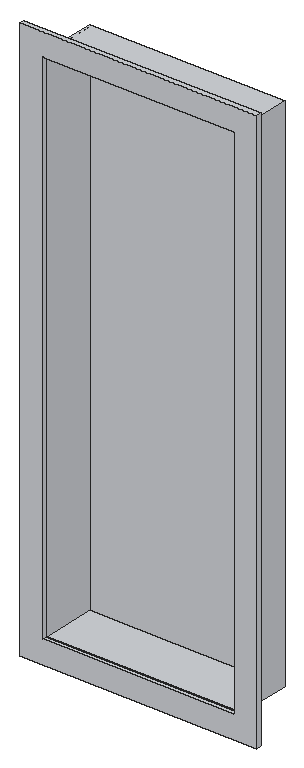
Revit family "Hager-VOLTA-Hollow_wall-Other-Without_Cover-Without_DIN-NoHosted-CH-de", category Electrical Equipment, Revit 2023
Family settings
  Panel Configuration = Two Columns, Circuits Across
  Round Connector Dimension = Use Diameter
  Part Type = Panelboard
  Work Plane-Based = Yes
  Always vertical = Yes
  Cut with Voids When Loaded = No
  Maintain Annotation Orientation = No
  Shared = No
  Room Calculation Point = No
Parameters (values of type "VOLTA-Hollow_wall_W348_H880_D98_12_Modular_Spacing-VH60NK")
  Width Control [instance] = if([HG000006-Unterputz], if([EF000846 - Einbaubreite] > min_whd, [EF000846 - Einbaubreite], min_whd), if([EF000008 - Breite] > min_whd, ([EF000008 - Breite]), min_whd))  # 314 mm
  Void Depth [instance] = if([EF000218 - Einbautiefe] > 1 mm, [EF000218 - Einbautiefe], 1 mm)  # 90 mm
  Uniformat code = "D501001"
  Uniformat = "Low Tension Service & Dist."
  Référence = ""
  HGEF0002950-Breite in Teilungseinheiten = 12
  HGEF000266-Anzahl der Reihen = 5
  HG000131 - Functional label [instance] = ""
  HG000130 - Functional name [instance] = ""
  HG000099-Onfly Template ID-de-CH = "507532"
  HG000059-Operating voltage-de-CH [instance] = 230 V
  HG000017-Distanz zwischen den Polen = 18 mm
  HG000016-3D-Türsichtbarkeit = yes
  HG000015-Sichtbarkeit der Türöffnung = yes
  HG000014-Tür rechts = yes
  HG000013-Tür links = no
  HG000012-Türschwenkwinkel = 90.00°
  HG000011-Leere Reihen von unten = no
  HG000010-Asymmetrische Türen = no
  HG000009-Doppelflügeligen Tür = no
  HG000008-Anzahl der leeren Reihen = 0
  HG000007-Anzahl der leeren Spalten = 0
  HG000006-Unterputz = yes
  HG000005-Dicke = 2 mm
  HG000004-Herstellerreferenz = "VH60NK"
  HG000003-Bereich = "VOLTA"
  HG000002-Mit tür = no
  HG000001-Anzahl der Spalten = 0
  ETIM class name = "Small distribution board"
  ETIM class code = "EC000214"
  EF015941 - Signaldurchlassende Tür = no
  EF015777 - Neutralleiterklemmenblock = no
  EF015776 - Erdungsklemmenblock = no
  EF009212 - Ausführung Deckel = ""
  EF006306 - Mit Schloss = no
  EF006244 - Transparenter Deckel/Tür = no
  EF005474 - Schutzart (IP) = "sonstige"
  EF004464 - Art der Tür = ""
  EF004462 - Art der Schliessung = "sonstige"
  EF002950 - Anzahl Teilungseinheiten = 12
  EF001596 - Werkstoff des Gehäuses = ""
  EF001134 - DIN-Schiene = no
  EF001131 - Innentiefe = 0 mm
  EF001088 - Anbaumöglichkeit = yes
  EF001062 - EMV-Ausführung = no
  EF000846 - Einbaubreite = 314 mm
  EF000339 - Art der Abdeckung = ""
  EF000332 - Einbauhöhe = 846 mm
  EF000266 - Anzahl der Reihen = 5
  EF000218 - Einbautiefe = 90 mm
  EF000118 - Mit Montageplatte = no
  EF000116 - RAL-Nummer = 9010
  EF000049 - Tiefe = 98 mm
  EF000040 - Höhe = 880 mm
  EF000024 - UV-beständig = no
  EF000008 - Breite = 348 mm
  EF000007 - Farbe = "weiss"
  EF000003 - Montageart = "Hohlwand"
  Type Comments = ""
  System Height [instance] = Height Control - 2 * [HG000005-Dicke]  # 842 mm
  Reference description = ""
  Reference = "VOLTA-Hollow_wall_W348_H880_D98_12_Modular_Spacing-VH60NK"
  Panel Name [instance] = ""  # (empty or 0)
  Offset [instance] = 0 mm
  Object type = ""
  Name hager = "ADD_Enclosures_EC000214"
  Name BIM&CO = "Electricity"
  Name = "VOLTA-Hollow_wall-Other-Without_Cover-Without_DIN-CH"
  Model = ""
  Level Offset [instance] = [Flush Mounted - Door Frame Width] + Offset  # 34 mm
  HG000060-RAL-number = "9010"
  GTIN (Global Trade Item Number) = ""
  Description = ""
  Default Elevation = 1200 mm
  Creation Date = "12/15/2025 21:43:36"
  Code hager = "ADD-EC000214_EU"
  Code Uniformat = ""
  BIM&CO code = ""
  BC_VARIANT_ID = "1174143"
  BC_OBJECT_VERSION = "#9"  # constant formula
  BC_OBJECT_ID = "513470"  # constant formula
  BC_MODEL_ID = "1547118"  # constant formula
  BC_METADATA = "{\"ObjectGuid\":\"bc35c96e-cb38-443e-833d-0616858cb9ac\",\"ModelGuid\":\"8af03f69-2293-4735-a617-cc53adf55621\",\"VariantGuid\":\"8b6e323b-1b53-409a-a940-11b5a7fc5337\",\"Revision\":\"#4\",\"VariantName\":\"Template-Enclosure_EU-EC000214\"}"
  Arrow Offset [instance] = Depth Control / 8  # 11.25 mm
  Arrow Height [instance] = Depth Control - Arrow Offset  # 78.75 mm
  Host Offset [instance] = if([HG000006-Unterputz], 0 mm, [EF000049 - Tiefe])  # 0 mm
  min_whd [instance] = (2 * [HG000005-Dicke]) + 1 mm  # 5 mm
  Manufacturer = "Hager"  # constant formula
  Height Control [instance] = if([HG000006-Unterputz], if([EF000332 - Einbauhöhe] > min_whd, [EF000332 - Einbauhöhe], min_whd), if([EF000040 - Höhe] > min_whd, ([EF000040 - Höhe]), min_whd))  # 846 mm
  Flush Mounted - Door Frame Width [instance] = if(([EF000040 - Höhe] - [EF000332 - Einbauhöhe]) > 0 mm, if([HG000006-Unterputz], [EF000040 - Höhe] - [EF000332 - Einbauhöhe], 0 mm), 0 mm)  # 34 mm
  Depth Control [instance] = if([HG000006-Unterputz], if([EF000218 - Einbautiefe] > 0 mm, [EF000218 - Einbautiefe], 1 mm), if([EF000049 - Tiefe] > 0 mm, ([EF000049 - Tiefe]), 1 mm))  # 90 mm
Types (5, lengths in mm): name | HGEF000266-Anzahl der Reihen | HG000004-Herstellerreferenz | EF009212 - Ausführung Deckel | EF004462 - Art der Schliessung | EF001062 - EMV-Ausführung | EF000332 - Einbauhöhe | EF000266 - Anzahl der Reihen | EF000049 - Tiefe | EF000040 - Höhe | EF000008 - Breite | System Height | Reference | Level Offset | BC_VARIANT_ID | Height Control | Flush Mounted - Door Frame Width
  VOLTA-Hollow_wall_W330_H355_D94_12_Modular_Spacing-VH12NK | 1 | "VH12NK" | "geschlossen" | "" | yes | 346 | 1 | 94 | 355 | 330 | 342 | "VOLTA-Hollow_wall_W330_H355_D94_12_Modular_Spacing-VH12NK" | 9 | "1174126" | 346 | 9
  VOLTA-Hollow_wall_W348_H505_D98_12_Modular_Spacing-VH24NK | 2 | "VH24NK" | "" | "sonstige" | no | 471 | 2 | 98 | 505 | 348 | 467 | "VOLTA-Hollow_wall_W348_H505_D98_12_Modular_Spacing-VH24NK" | 34 | "1174131" | 471 | 34
  VOLTA-Hollow_wall_W348_H630_D98_12_Modular_Spacing-VH36NK | 3 | "VH36NK" | "" | "sonstige" | no | 596 | 3 | 98 | 630 | 348 | 592 | "VOLTA-Hollow_wall_W348_H630_D98_12_Modular_Spacing-VH36NK" | 34 | "1174136" | 596 | 34
  VOLTA-Hollow_wall_W348_H755_D98_12_Modular_Spacing-VH48NK | 4 | "VH48NK" | "" | "sonstige" | no | 721 | 4 | 98 | 755 | 348 | 717 | "VOLTA-Hollow_wall_W348_H755_D98_12_Modular_Spacing-VH48NK" | 34 | "1174140" | 721 | 34
  VOLTA-Hollow_wall_W348_H880_D98_12_Modular_Spacing-VH60NK | 5 | "VH60NK" | "" | "sonstige" | no | 846 | 5 | 98 | 880 | 348 | 842 | "VOLTA-Hollow_wall_W348_H880_D98_12_Modular_Spacing-VH60NK" | 34 | "1174143" | 846 | 34
Reference planes
  plane 1 "Center (Front/Back)": y = 0
  plane 2: z = 0
  plane 3 "Center (Left/Right)": x = 0
  plane 4: y = 36
  plane 5: y = 90
  plane 6: y = 34
  plane 7: z = 0
  plane 8: x = -157
  plane 9: x = 157
  plane 10: x = 155
  plane 11: x = -155
  plane 12: z = 34
  plane 13: z = 36
  plane 14: y = 5
  plane 15: y = 0
  plane 16: y = 88
  plane 17: z = 878
  plane 18: z = 880
  plane 19: z = 457
  plane 20: x = 0
  plane 21: y = -100
  plane 22 "Annotation H": y = -300
  plane 23 "Annotation V": x = 357
Forms (mm)
  Extrusion 1, solid
    sketch origin (-208.679, -4572, 34) x (-1, 0, 0) y (0, -1, 0)
      loop
        line (-51.679, -4572) -> (-365.679, -4572) -> (-365.679, -4662) -> (-51.679, -4662) -> (-51.679, -4572)
    from 0 to 846 <- "Height Control"
  Extrusion 2, void
    sketch origin (-350.771, 0, 1219.2) x (1, 0, 0) y (0, 0, 1)
      loop
        line (195.771, -341.2) -> (195.771, -1183.2) -> (505.771, -1183.2) -> (505.771, -341.2) -> (195.771, -341.2)
    from 0 to -88
  Extrusion 3, solid, detail levels coarse+medium
    sketch origin (-350.771, 0, 1219.2) x (-1, 0, 0) y (0, 0, 1)
      loop
        line (-195.771, -341.2) -> (-505.771, -341.2) -> (-505.771, -1183.2) -> (-195.771, -1183.2) -> (-195.771, -341.2)
    from 0 to 2 <- "HG000005-Dicke"
Cuts and joins
  Extrusion 2 cuts Extrusion 1
Dimensions and locks
  "Flush Mounted - Door Frame Width": plane 1 "Center (Front/Back)" to plane 6
  "HG000005-Dicke": plane 4 to plane 6
  "HG000005-Dicke": plane 8 to plane 11
  "HG000005-Dicke": plane 9 to plane 10
  equal spacing: plane 8, plane 3 "Center (Left/Right)", plane 9
  "Width Control": plane 8 to plane 9
  locked: plane 14 to plane 15 at 5
  "Host Offset": plane 1 "Center (Front/Back)" to plane 15
  "Depth Control": plane 5 to plane 15
  "HG000005-Dicke": plane 5 to plane 16
  "HG000005-Dicke": plane 13 to plane 12
  "Level Offset": plane 12 to level
  "HG000005-Dicke": plane 18 to plane 17
  "Height Control": plane 18 to plane 12
  "Arrow Offset": plane 5 to nested 4
  equal spacing: plane 18, plane 19, plane 12
  locked: connector elem to plane 19
  locked: connector elem to plane 3 "Center (Left/Right)"
  Extrusion 2 sketch curve to Extrusion 2 sketch curve to plane 9 = 310 mm, 2 mm
  locked: plane 9 to plane 23 "Annotation V" at 200
  locked: plane 22 "Annotation H" to plane 1 "Center (Front/Back)" at 300
  aligned and locked: nested 1 to plane 14
  aligned and locked: plane 3 "Center (Left/Right)" to nested 1
  aligned and locked: plane 3 "Center (Left/Right)" to nested 2
  aligned and locked: nested 2 to plane 15
  aligned and locked: plane 5 to Extrusion 1
  aligned and locked: Extrusion 3 sketch curve to plane 17
  aligned and locked: Extrusion 3 sketch curve to plane 11
  aligned and locked: plane 13 to Extrusion 3 sketch curve
  aligned and locked: Extrusion 3 sketch curve to plane 10
  aligned and locked: plane 13 to Extrusion 2 sketch curve
  aligned and locked: Extrusion 2 sketch curve to plane 17
  aligned and locked: plane 16 to Extrusion 2
  aligned and locked: plane 5 to Extrusion 1 sketch curve
  aligned and locked: plane 9 to Extrusion 1 sketch curve
  aligned and locked: plane 8 to Extrusion 1 sketch curve
  aligned and locked: plane 8 to nested 4
  aligned and locked: plane 8 to nested 3
  aligned and locked: nested 3 to plane 5
  aligned and locked: Extrusion 1 sketch curve to plane 15
  aligned and locked: Extrusion 2 to plane 15
  aligned and locked: nested 5 to plane 22 "Annotation H"
  aligned and locked: plane 23 "Annotation V" to nested 5
  aligned and locked: plane 11 to Extrusion 2
  aligned and locked: plane 10 to Extrusion 2
Nested families
  nested 1: "Hager_Enclosure_System" at (0, 5, 36), Height <- "System Height", Width_Control <- "Width Control", Built-in_Width <- "EF000846 - Einbaubreite", Width <- "EF000008 - Breite", Depth <- "HG000005-Dicke", Border <- "HG000005-Dicke", Distance_Between_Poles <- "HG000017-Distanz zwischen den Polen", Flush_Mounted <- "HG000006-Unterputz", Empty_Columns <- "HG000007-Anzahl der leeren Spalten", Total_No_Empty_Rows <- "HG000008-Anzahl der leeren Reihen", Empty_Rows_From_Bottom <- "HG000011-Leere Reihen von unten", Columns_Count <- "HG000001-Anzahl der Spalten", Rows_Count <- "HGEF000266-Anzahl der Reihen", Row_Module_Multiplicator <- "HGEF0002950-Breite in Teilungseinheiten", type "Hager_Enclosure_System", detail levels medium+fine
    with Width_Control 314 mm, Width 348 mm, Total_No_Rows 5, Total_No_Empty_Rows 0, Total_No_Columns 1, System_Width 310 mm, Rows_Count 5, Rows_Column 5, Row_Module_Multiplicator 12, Panel_4 no, Panel_3 no, Panel_2 no, Panel_1 no, No_Panels_Ctrl 1, Hide_Columns yes, Height 842 mm, Flush_Mounted yes, Empty_Rows_From_Bottom no, Empty_Rows_Column 0, Empty_Columns 0, Empty column 4 0, Empty column 3 0, Empty column 2 0, Empty column 1 0, Distance_Between_Poles 18 mm, Depth 2 mm, Columns_Count 0, Column_Width 310 mm, Built-in_Width 314 mm, Border 2 mm
  nested 2: "Hager_Enclosure_Door" at (0, 0, 34), Height_Ctrl <- "Height Control", Width_Ctrl <- "Width Control", BuiltIn_Depth <- "EF000218 - Einbautiefe", Depth <- "EF000049 - Tiefe", BuiltIn_Width <- "EF000846 - Einbaubreite", Height <- "EF000040 - Höhe", BuiltIn_Height <- "EF000332 - Einbauhöhe", Width <- "EF000008 - Breite", Transparent <- "EF006244 - Transparenter Deckel/Tür", Border <- "HG000005-Dicke", Door <- "HG000002-Mit tür", Flush_Mounted <- "HG000006-Unterputz", Double <- "HG000009-Doppelflügeligen Tür", Assymetrical <- "HG000010-Asymmetrische Türen", Angle <- "HG000012-Türschwenkwinkel", Door_Left <- "HG000013-Tür links", Door_Right <- "HG000014-Tür rechts", Clearance <- "HG000015-Sichtbarkeit der Türöffnung", 3d_Door <- "HG000016-3D-Türsichtbarkeit", type "Hager_Enclosure_Door", detail levels medium+fine
    with min_wh 5 mm, Width_Ctrl 314 mm, Width 348 mm, Transparent_Door_No_Bottom_Border no, Transparent no, Leaf_Width 307 mm, Leaf_Tolerance 1.5 mm, Leaf_Height 839 mm, Leaf_2_Width 307 mm, Leaf_2_Offset 153.5 mm, Leaf_1_Width 307 mm, Leaf_1_Offset 153.5 mm, Height_Ctrl 846 mm, Height 880 mm, Frame_Width_Ctrl 34 mm, Frame_Width 34 mm, Frame_Internal_Offset 2 mm, Frame_Height_Ctrl 34 mm, Frame_Height 34 mm, Frame_Depth_Ctrl 8 mm, Frame_Depth 8 mm, Flush_Mounted yes, Double_Clearance_Ctrl no, Double no, Door_Right_Ctrl no, Door_Right yes, Door_Left_Ctrl no, Door_Left no, Door no, Depth 98 mm, Clearance_Depth 307 mm, Clearance_Ctrl yes, Clearance yes, BuiltIn_Width 314 mm, BuiltIn_Height 846 mm, BuiltIn_Depth 90 mm, Border 2 mm, Assymetrical no, Angle 90.00°, 3d_Door yes
  nested 3: "Hager_Enclosure_Symbol_Triangle" at (-157, 90, 0), Depth <- "Depth Control", Width <- "Width Control", type "Hager_Enclosure_Symbol_Triangle"
    with Width_Ctrl 314 mm, Width 314 mm, Depth_Ctrl 90 mm, Depth 90 mm
  nested 4: "Hager_Enclosure_Symbol_Arrow" at (-157, 78.75, 0), Height <- "Arrow Height", type "Hager_Enclosure_Symbol_Arrow"
    with Width_Inside 5.906 mm, Width 70.875 mm, Height_Ctrl 78.75 mm, Height 78.75 mm
  nested 5: "Hager_Annotation-HG000130" at (357, -300, 0), HG000130 - Functional name <- "HG000130 - Functional name", type "Hager_Annotation-HG000130"
    with HG000130 - Functional name ""
Connectors
  electrical at (0, 90, 457), driven by "HG000059-Operating voltage-de-CH"
    settings: on plane 5, index 1, voltage 230 V, apparent load 0 VA, apparent load phase1 0 VA, apparent load phase2 0 VA, apparent load phase3 0 VA, power factor 1, load classification "Other", number of poles 1, system type 30, power factor state 1, is connector primary yes, connector utility no, sub classification motor no, connector description ""
Definition of nested family "Hager_Enclosure_Door"
  Parameters (values of type "Hager_Enclosure_Door")
    min_wh [instance] = (2 * Border) + 1 mm  # 11 mm
    Width_Ctrl [instance] = 400 mm
    Width [instance] = 500 mm
    Transparent_Door_No_Bottom_Border [instance] = no
    Transparent [instance] = yes
    Leaf_Width [instance] = if((Width_Ctrl - 2 * Border - 2 * Leaf_Tolerance) > 0 mm, (Width_Ctrl - 2 * Border - 2 * Leaf_Tolerance), min_wh)  # 387 mm
    Leaf_Tolerance [instance] = 1.5 mm  # constant formula
    Leaf_Height [instance] = if((Height_Ctrl - 2 * Border - 2 * Leaf_Tolerance) > 0 mm, (Height_Ctrl - 2 * Border - 2 * Leaf_Tolerance), min_wh)  # 387 mm
    Leaf_2_Width [instance] = if(and(and(Double, Assymetrical), Door_Left), (Leaf_Width / 3) - (Leaf_Tolerance / 2), if(and(and(Double, Assymetrical), Door_Right), (Leaf_Width / 3) * 2 - (Leaf_Tolerance / 2), if(and(Double, not(Assymetrical)), (Leaf_Width / 2) - Leaf_Tolerance, Leaf_Width)))  # 387 mm
    Leaf_2_Offset [instance] = if(and(Double, Assymetrical), Leaf_2_Width / 2, if(and(Double, not(Assymetrical)), Leaf_Width / 4, Leaf_Width / 2))  # 193.5 mm
    Leaf_1_Width [instance] = if(and(and(Double, Assymetrical), Door_Right), (Leaf_Width / 3) - (Leaf_Tolerance / 2), if(and(and(Double, Assymetrical), Door_Left), (Width / 3) * 2 - (Leaf_Tolerance / 2), if(and(Double, not(Assymetrical)), (Leaf_Width / 2) - Leaf_Tolerance, Leaf_Width)))  # 387 mm
    Leaf_1_Offset [instance] = if(and(Double, Assymetrical), Leaf_1_Width / 2, if(and(Double, not(Assymetrical)), Leaf_Width / 4, Leaf_Width / 2))  # 193.5 mm
    Height_Ctrl [instance] = 400 mm
    Height [instance] = 500 mm
    Frame_Width_Ctrl [instance] = if(Frame_Width > 0 mm, Frame_Width, 1 mm)  # 1 mm
    Frame_Width [instance] = Width - BuiltIn_Width  # 0 mm
    Frame_Internal_Offset [instance] = if(Flush_Mounted, Border, 0 mm)  # 5 mm
    Frame_Height_Ctrl [instance] = if(Frame_Height > 0 mm, Frame_Height, 1 mm)  # 1 mm
    Frame_Height [instance] = Height - BuiltIn_Height  # 0 mm
    Frame_Depth_Ctrl [instance] = if(Frame_Depth > 0 mm, Frame_Depth, 1 mm)  # 1 mm
    Frame_Depth [instance] = if(Depth - BuiltIn_Depth > 0 mm, if(Flush_Mounted, Depth - BuiltIn_Depth, 0 mm), 0 mm)  # 0 mm
    Flush_Mounted [instance] = yes
    Double_Clearance_Ctrl [instance] = and(Double, Clearance)  # no
    Double [instance] = no
    Door_Right_Ctrl [instance] = and(or(Door_Right, Double), Door)  # yes
    Door_Right [instance] = yes
    Door_Left_Ctrl [instance] = and(or(Door_Left, Double), Door)  # no
    Door_Left [instance] = no
    Door [instance] = yes
    Depth [instance] = 500 mm
    Default Elevation = 1219.2 mm
    Clearance_Material = none
    Clearance_Depth [instance] = if(Leaf_1_Width > Leaf_2_Width, Leaf_1_Width, Leaf_2_Width)  # 387 mm
    Clearance_Ctrl [instance] = and(not(Double), Clearance)  # yes
    Clearance [instance] = yes
    BuiltIn_Width [instance] = 500 mm
    BuiltIn_Height [instance] = 500 mm
    BuiltIn_Depth [instance] = 500 mm
    Border [instance] = 5 mm
    Assymetrical [instance] = yes
    Angle [instance] = 30.00°
    3d_Door [instance] = yes
  Reference planes
    plane 1 "Center (Front/Back)": y = 0
    plane 2 "Bottom": z = 0
    plane 3 "Center (Left/Right)": x = 0
    plane 4: z = 400
    plane 5: x = -200
    plane 6: x = 200
    plane 7: z = 395
    plane 8: x = -195
    plane 9: z = 5
    plane 10: x = 195
    plane 11: y = 0
    plane 12: z = 6.5
    plane 13: x = -582
    plane 14: y = -387
    plane 15: x = 582
    plane 16: x = 0
    plane 17: x = 0
    plane 18: x = -193.5
    plane 19: x = 193.5
    plane 20: z = 393.5
  Forms (mm)
    Extrusion 1, solid, visible <- "Flush_Mounted"
      sketch origin (0, 0, 0) x (1, 0, 0) y (0, 0, 1)
        loop
          line (195, 5) -> (195, 395) -> (-195, 395) -> (-195, 5) -> (195, 5)
        loop
          line (-201, 401) -> (-201, -1) -> (201, -1) -> (201, 401) -> (-201, 401)
      from 0 to 1 <- "Frame_Depth_Ctrl"
    Extrusion 2, solid, material <- "Clearance_Material", visible <- "Double_Clearance_Ctrl"
      sketch origin (1200, 0, 0) x (1, 0, 0) y (0, 0, -1)
        loop
          line (-1782, -393.5) -> (-618, -393.5) -> (-618, 0) -> (-1782, 0) -> (-1782, -393.5)
      from 0 to -387
  Dimensions and locks
    equal spacing: plane 5, plane 3 "Center (Left/Right)", plane 6
    "Width_Ctrl": plane 5 to plane 6
    "Border": plane 5 to plane 8
    "Border": plane 6 to plane 10
    "Border": plane 9 to level
    "Border": plane 4 to plane 7
    "Height_Ctrl": plane 4 to level
    "Leaf_Tolerance": plane 12 to plane 9
    "Frame_Depth": plane 11 to plane 1 "Center (Front/Back)"
    "Frame_Width_Ctrl": plane 5 to Extrusion 1 sketch curve
    "Frame_Width_Ctrl": plane 6 to Extrusion 1 sketch curve
    "Frame_Width_Ctrl": Extrusion 1 sketch curve to plane 4
    "Frame_Width_Ctrl": plane 2 "Bottom" to Extrusion 1 sketch curve
    "Leaf_1_Offset": plane 18 to plane 16
    "Leaf_2_Offset": plane 17 to plane 19
    "Leaf_1_Width": plane 13 to plane 8
    "Leaf_2_Width": plane 10 to plane 15
    "Clearance_Depth": plane 14 to plane 1 "Center (Front/Back)"
    "Leaf_Tolerance": plane 8 to plane 18
    "Leaf_Tolerance": plane 19 to plane 10
    "Leaf_Tolerance": plane 7 to plane 20
    "Frame_Internal_Offset": plane 5 to Extrusion 1 sketch curve
    "Frame_Internal_Offset": Extrusion 1 sketch curve to plane 2 "Bottom"
    "Frame_Internal_Offset": plane 6 to Extrusion 1 sketch curve
    "Frame_Internal_Offset": plane 4 to Extrusion 1 sketch curve
    aligned and locked: level to plane 2 "Bottom"
    aligned and locked: nested 1 to plane 16
    aligned and locked: nested 2 to plane 17
    aligned and locked: Extrusion 2 to plane 13
    aligned and locked: plane 15 to Extrusion 2
    aligned and locked: Extrusion 2 to plane 14
    aligned and locked: plane 12 to nested 1
    aligned and locked: nested 2 to plane 12
    aligned and locked: Extrusion 2 to plane 11
    aligned and locked: plane 20 to Extrusion 2
    aligned and locked: nested 2 to plane 11
    aligned and locked: nested 1 to plane 11
  Automatic sketch dimensions
    Extrusion 2 sketch curve to level = 0 mm
    plane 5 to Extrusion 2 sketch curve = 382 mm
    plane 6 to Extrusion 2 sketch curve = 382 mm
    Extrusion 2 sketch curve to plane 4 = 6.5 mm
  Nested families
    nested 1: "Hager_Enclosure_Door_Leaf" at (0, 0, 6.5), Width <- "Leaf_1_Width", visible <- "Door_Left_Ctrl", Leaf_Height <- "Leaf_Height", Angle <- "Angle", Depth <- "Border", 3d_Door <- "3d_Door", Transparent <- "Transparent", Clearance Material <- "Clearance_Material", Clearance <- "Clearance_Ctrl", Transparent_Door_No_Bottom_Border <- "Transparent_Door_No_Bottom_Border", type "Hager_Enclosure_Door_Leaf"
      with Width 387 mm, Transparent_Door_No_Bottom_Border no, Transparent_Door_Border_Bottom_Top 25 mm, Transparent_Door_Border 25 mm, Transparent_Ctrl yes, Transparent yes, Standard no, Leaf_Height 387 mm, Glass_Offset 1 mm, Depth 5 mm, Clearance Material none, Clearance yes, Angle_Ctrl 30.00°, Angle 30.00°, 3d_Door yes
    nested 2: "Hager_Enclosure_Door_Leaf" at (0, 0, 6.5) x (-1, 0, 0) z (0, 0, 1), Width <- "Leaf_2_Width", visible <- "Door_Right_Ctrl", Leaf_Height <- "Leaf_Height", Angle <- "Angle", Depth <- "Border", 3d_Door <- "3d_Door", Transparent <- "Transparent", Clearance Material <- "Clearance_Material", Clearance <- "Clearance_Ctrl", Transparent_Door_No_Bottom_Border <- "Transparent_Door_No_Bottom_Border", type "Hager_Enclosure_Door_Leaf"
      with Width 387 mm, Transparent_Door_No_Bottom_Border no, Transparent_Door_Border_Bottom_Top 25 mm, Transparent_Door_Border 25 mm, Transparent_Ctrl yes, Transparent yes, Standard no, Leaf_Height 387 mm, Glass_Offset 1 mm, Depth 5 mm, Clearance Material none, Clearance yes, Angle_Ctrl 30.00°, Angle 30.00°, 3d_Door yes
  Definition of nested family "Hager_Enclosure_Door_Leaf"
    Parameters (values of type "Hager_Enclosure_Door_Leaf")
      Width [instance] = 2000 mm
      Transparent_Door_No_Bottom_Border [instance] = yes
      Transparent_Door_Border_Bottom_Top [instance] = if(Transparent_Door_No_Bottom_Border, 0.1 mm, Transparent_Door_Border)  # 0.1 mm
      Transparent_Door_Border [instance] = if(Transparent_Door_No_Bottom_Border, (Width * 0.12), 25 mm)  # 240 mm
      Transparent_Ctrl [instance] = and(Transparent, [3d_Door])  # yes
      Transparent [instance] = yes
      Standard [instance] = and(not(Transparent), [3d_Door])  # no
      Leaf_Height [instance] = 2720.336 mm
      Glass_Offset [instance] = if((Depth - 10 mm) / 2 > 0 mm, (Depth - 10 mm) / 2, 1 mm)  # 15 mm
      Glass_Material = none
      Depth [instance] = 40 mm
      Default Elevation = 0 mm
      Clearance Material [instance] = none
      Clearance [instance] = yes
      Angle_Ctrl [instance] = if(Angle > 170.00°, 170.00°, Angle)  # 45.00°
      Angle [instance] = 45.00°
      3d_Door [instance] = yes
    Reference planes
      plane 1 "Center (Front/Back)": y = 0
      plane 2: z = 0
      plane 3 "Center (Left/Right)": x = 0
      plane 4: y = 2000
      plane 5: x = -1000
      plane 6: x = 1000
      plane 7: x = -3000
      plane 8: z = 2720.336
      plane 9: z = 0.1
      plane 10: z = 2720.236
      plane 11: x = 760
      plane 12: x = -760
    Forms (mm)
      Extrusion 1, solid, material <- "Clearance Material", visible <- "Clearance"
        sketch origin (0, 0, 0) x (1, 0, 0) y (0, 0, 1)
          loop
            line (-3000, 2720.336) -> (-3000, 0) -> (1000, 0) -> (1000, 2720.336) -> (-3000, 2720.336)
        from 0 to -2000
      Extrusion 2, solid, visible <- "Standard", detail levels medium+fine
        sketch origin (-1000, 0, 0) x (0.707107, 0.707107, 0) y (-0.707107, 0.707107, 0)
          loop
            line (0, -40) -> (2000, -40) -> (2000, 0) -> (0, 0) -> (0, -40)
        from 0 to 2720.336 <- "Leaf_Height"
      Extrusion 3, solid, visible <- "Transparent_Ctrl", detail levels medium+fine
        sketch origin (-1000, 0, 0) x (0.707107, 0.707107, 0) y (-0.707107, 0.707107, 0)
          loop
            line (0, -40) -> (2000, -40) -> (2000, 0) -> (0, 0) -> (0, -40)
        from 0 to 2720.336 <- "Leaf_Height"
      Extrusion 4, void, detail levels medium+fine
        sketch origin (-1000, 0, 0) x (-0.707107, 0.707107, 0) y (0.707107, 0.707107, 0)
          loop
            line (0, 240) -> (0, 1760) -> (-40, 1760) -> (-40, 240) -> (0, 240)
        from -2720.236 to -0.1
      Extrusion 5, solid, material <- "Glass_Material", visible <- "Transparent_Ctrl", detail levels medium+fine
        sketch origin (-1000, 0, 0) x (0.707107, 0.707107, 0) y (-0.707107, 0.707107, 0)
          loop
            line (240, -15) -> (240, -25) -> (1760, -25) -> (1760, -15) -> (240, -15)
        from 0.1 to 2720.236
    Cuts and joins
      Extrusion 4 cuts Extrusion 3
    Lines and regions (mm)
      symbolic lines
        curve 1: line (1000, 0, 0) -> (-3000, 0, 0)
        curve 2: arc (1000, 0, 0) -> (-1000, 2000, 0) -> (-3000, 0, 0) r 2000
        curve 4: line (-1000, 0, 0) -> (414.214, 1414.214, 0)
      reference lines
        curve 3: line (-1000, 0, 0) -> (414.214, 1414.214, 0)
      symbolic lines, detail levels medium+fine
        curve 5: line (414.214, 1414.214, 0) -> (442.498, 1385.929, 0)
        curve 6: line (442.498, 1385.929, 0) -> (-971.716, -28.284, 0)
        curve 7: line (-971.716, -28.284, 0) -> (-1000, 0, 0)
        curve 8: line (-1000, 0, 2720.336) -> (1000, 0, 2720.336)
        curve 9: line (-1000, 0, 0) -> (-1000, 0, 2720.336)
        curve 10: line (1000, 0, 0) -> (-1000, 0, 0)
        curve 11: line (1000, 0, 2720.336) -> (1000, 0, 0)
      symbolic lines, visible <- "Transparent_Ctrl", detail levels medium+fine
        curve 12: line (-760, 0, 2720.236) -> (760, 0, 2720.236)
        curve 13: line (-760, 0, 0.1) -> (-760, 0, 2720.236)
        curve 14: line (760, 0, 0.1) -> (-760, 0, 0.1)
        curve 15: line (760, 0, 2720.236) -> (760, 0, 0.1)
    Dimensions and locks
      "Width": plane 1 "Center (Front/Back)" to plane 4
      equal spacing: plane 5, plane 3 "Center (Left/Right)", plane 6
      "Width": plane 5 to plane 6
      "Width": plane 7 to plane 5
      "Leaf_Height": plane 8 to level
      "Depth": curve 6 to curve 3
      "Width": curve 5 to curve 3
      "Width": curve 3 to curve 3
      "Transparent_Door_Border": Extrusion 4 sketch curve to curve 7
      "Transparent_Door_Border": Extrusion 4 sketch curve to curve 5
      "Transparent_Door_Border_Bottom_Top": plane 8 to plane 10
      "Transparent_Door_Border_Bottom_Top": plane 9 to level
      "Glass_Offset": Extrusion 5 sketch curve to curve 4
      "Glass_Offset": Extrusion 5 sketch curve to curve 6
      "Transparent_Door_Border": Extrusion 5 sketch curve to curve 5
      "Transparent_Door_Border": Extrusion 5 sketch curve to curve 7
      "Transparent_Door_Border": plane 12 to plane 5
      "Transparent_Door_Border": plane 6 to plane 11
      "Angle_Ctrl": angle plane 1 "Center (Front/Back)" to curve 3
      aligned and locked: level to plane 2
      aligned and locked: Extrusion 1 to curve 1
      aligned and locked: plane 6 to Extrusion 1
      aligned and locked: Extrusion 1 to plane 1 "Center (Front/Back)"
      aligned and locked: plane 4 to Extrusion 1
      aligned and locked: plane 8 to Extrusion 1
      aligned and locked: curve 4 to curve 3
      aligned and locked: Extrusion 2 sketch curve to curve 7
      aligned and locked: Extrusion 2 sketch curve to curve 6
      aligned and locked: Extrusion 2 sketch curve to curve 5
      aligned and locked: Extrusion 2 sketch curve to curve 3
      aligned and locked: curve 7 to Extrusion 3 sketch curve
      aligned and locked: Extrusion 3 sketch curve to curve 4
      aligned and locked: Extrusion 3 sketch curve to curve 6
      aligned and locked: Extrusion 3 sketch curve to curve 5
      aligned and locked: curve 4 to Extrusion 4 sketch curve
      aligned and locked: curve 6 to Extrusion 4 sketch curve
      aligned and locked: Extrusion 4 to plane 9
      aligned and locked: Extrusion 4 to plane 10
      aligned and locked: Extrusion 5 to plane 9
      aligned and locked: Extrusion 5 to plane 10
      aligned and locked: curve 8 to plane 8
      aligned and locked: plane 5 to curve 9
      aligned and locked: plane 2 to curve 10
      aligned and locked: curve 11 to plane 6
      aligned and locked: plane 10 to curve 12
      aligned and locked: plane 12 to curve 13
      aligned and locked: curve 14 to plane 9
      aligned and locked: plane 11 to curve 15
    Automatic sketch dimensions
      plane 1 "Center (Front/Back)" to curve 2 = 0 mm
      curve 2 to plane 5 = 0 mm
      Extrusion 1 sketch curve to level = 0 mm
      Extrusion 1 sketch curve to plane 7 = 0 mm
      Extrusion 1 sketch curve to plane 6 = 0 mm
      Extrusion 1 sketch curve to plane 8 = 0 mm
      plane 1 "Center (Front/Back)" to curve 3 = 0 mm
      curve 3 to plane 5 = 0 mm
      curve 7 to curve 3 = 0 mm
Definition of nested family "Hager_Enclosure_Symbol_Triangle"
  Parameters (values of type "Hager_Enclosure_Symbol_Triangle")
    Width_Ctrl [instance] = if(Width > 1 mm, Width, 1 mm)  # 498 mm
    Width [instance] = 498 mm
    Depth_Ctrl [instance] = if(Depth > 1 mm, Depth, 1 mm)  # 72 mm
    Depth [instance] = 72 mm
  Reference planes
    plane 1 "Centre (avant/arrière)": y = 0
    plane 2: z = 0
    plane 3 "Centre (gauche/droite)": x = 0
  Lines and regions (mm)
    Filled region 1, type "Solid_Black", in view "Niveau de réf."
      outline origin (0, 0, 0) x (1, 0, 0) y (0, 1, 0)
        loop
          line (0, 0) -> (498, 0) -> (498, 72) -> (0, 0)
    reference lines, in view "Niveau de réf."
      curve 1: line (-206.153, 72, 0) -> (1083.258, 72, 0)
      curve 2: line (498, 405.456, 0) -> (498, -517.619, 0)
  Dimensions and locks
    "Depth_Ctrl": plane 1 "Centre (avant/arrière)" to curve 1
    "Width_Ctrl": plane 3 "Centre (gauche/droite)" to curve 2
    aligned and locked: curve 1 to Filled region 1 sketch curve
    aligned and locked: Filled region 1 sketch curve to plane 1 "Centre (avant/arrière)"
    aligned and locked: curve 2 to Filled region 1 sketch curve
    aligned and locked: plane 3 "Centre (gauche/droite)" to Filled region 1 sketch curve
    aligned and locked: plane 1 "Centre (avant/arrière)" to Filled region 1 sketch curve
  Automatic sketch dimensions
    curve 1 to plane 3 "Centre (gauche/droite)" = 206.153 mm
    curve 2 to curve 1 = 585.258 mm
    plane 1 "Centre (avant/arrière)" to curve 2 = 517.619 mm
    curve 2 to plane 1 "Centre (avant/arrière)" = 405.456 mm
Definition of nested family "Hager_Enclosure_Symbol_Arrow"
  Parameters (values of type "Hager_Enclosure_Symbol_Arrow")
    Width_Inside [instance] = if(Width / 12 > 2 mm, Width / 12, 2 mm)  # 4.987 mm
    Width [instance] = if(Height_Ctrl * 0.9 > 2 mm, Height_Ctrl * 0.9, 2 mm)  # 59.85 mm
    Height_Ctrl [instance] = if(Height > 2 mm, Height, 2 mm)  # 66.5 mm
    Height [instance] = 66.5 mm
  Reference planes
    plane 1 "Centre (avant/arrière)": y = 0
    plane 2: z = 0
    plane 3 "Centre (gauche/droite)": x = 0
    plane 4: x = 59.85
    plane 5: y = 28.263
    plane 6: y = 38.238
    plane 7: y = 66.5
    plane 8: x = 29.925
    plane 9: y = 33.25
  Lines and regions (mm)
    Filled region 1, type "Solid_Black", in view "Niveau de réf."
      outline origin (0, 0, 0) x (1, 0, 0) y (0, 1, 0)
        loop
          line (59.85, 66.5) -> (37.929, 52.827) -> (51.846, 41.935) -> (59.85, 66.5)
    detail lines, in view "Niveau de réf."
      curve 1: line (0, 0, 0) -> (29.925, 38.238, 0)
      curve 2: line (29.925, 38.238, 0) -> (29.925, 28.263, 0)
      curve 3: line (29.925, 28.263, 0) -> (59.85, 66.5, 0)
  Dimensions and locks
    "Width": plane 3 "Centre (gauche/droite)" to plane 4
    "Height_Ctrl": plane 7 to plane 1 "Centre (avant/arrière)"
    equal spacing: plane 3 "Centre (gauche/droite)", plane 8, plane 4
    equal spacing: plane 7, plane 9, plane 1 "Centre (avant/arrière)"
    equal spacing: plane 6, plane 9, plane 5
    "Width_Inside": plane 6 to plane 9
    equal spacing: curve 3, Filled region 1 sketch curve, Filled region 1 sketch curve
    angle Filled region 1 sketch curve to curve 3 = 20.00°
    angle curve 3 to Filled region 1 sketch curve = 20.00°
    locked: curve 3 to Filled region 1 sketch curve (angle 90.00°)
  Automatic sketch dimensions
    plane 1 "Centre (avant/arrière)" to curve 1 = 0 mm
    curve 1 to plane 3 "Centre (gauche/droite)" = 0 mm
    curve 2 to plane 6 = 0 mm
    curve 3 to plane 8 = 0 mm
    curve 3 to plane 4 = 0 mm
    curve 2 to plane 5 = 0 mm
    curve 3 to plane 7 = 0 mm
    Filled region 1 sketch curve to plane 4 = 0 mm
    Filled region 1 sketch curve to plane 7 = 0 mm
Definition of nested family "Hager_Annotation-HG000130"
  Parameters (values of type "Hager_Annotation-HG000130")
    HG000130 - Functional name [instance] = ""
  Reference planes
    plane 1: y = 0
    plane 2: x = 0
  Lines and regions (mm)
    detail lines
      curve 1: line (-27.5, 10, 0) -> (27.5, 10, 0)
      curve 2: line (-27.5, -10, 0) -> (-27.5, 10, 0)
      curve 3: line (27.5, -10, 0) -> (-27.5, -10, 0)
      curve 4: line (27.5, 10, 0) -> (27.5, -10, 0)
  Text (mm)
    label "HG000130 - Functional name" at (0.16, 0.026, 0), shows "HG000130 - Functional name"
